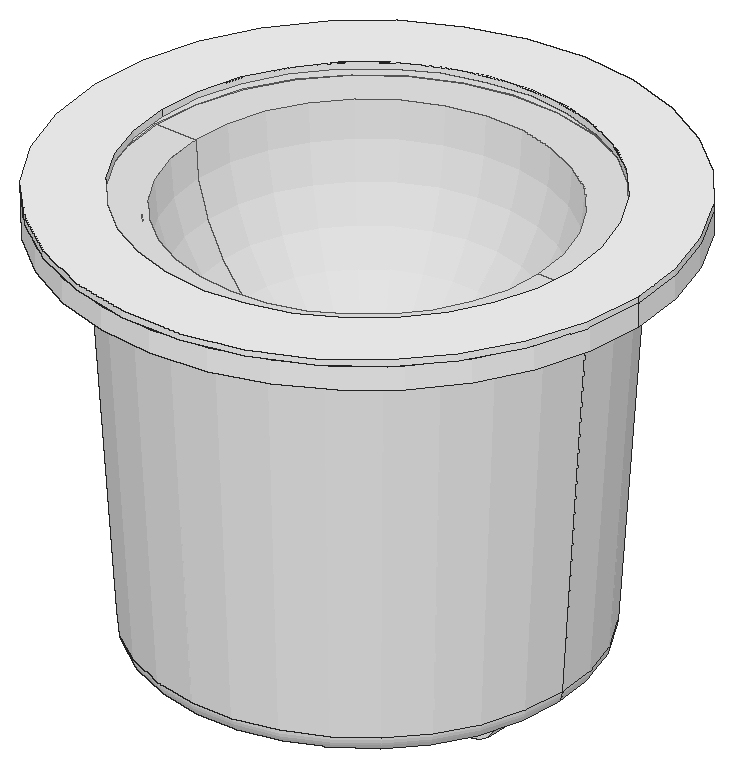
Revit family "2059237", category Lighting Fixtures, host Face, Revit 2018
Family settings
  Host = Face
  Round Connector Dimension = Use Diameter
  Part Type = Normal
  OmniClass Number = 23.80.70.11.17
  OmniClass Title = Specialized Lighting by Location or Use
  Cut with Voids When Loaded = No
  Light Source = Yes
  Shared = No
  Room Calculation Point = No
Parameters (values of type "2059237 MYRIAD DECO IP65 SP 2.7K PHD SI WBEZ")
  Weight = "n/a"
  Wattage = 15 W
  WarrantyStartDate [instance] = "n/a"
  WarrantyGuarantorParts = "n/a"
  WarrantyDurationUnit = "n/a"
  WarrantyDurationParts = ""
  WarrantyDescription = "http://www.sylvania-lighting.com"
  built-in parameter 1150110 = 1 (stored number, unit not read)
  Voltage = 230 V
  URL = "0"
  TypeName = "MYRIAD DECO IP65 SPOT 2700K PHDM SILVER WBEZ"
  Type Image = 0
  Type Comments = ""
  built-in parameter 1114217 = 1 (stored number, unit not read)
  Tilt Angle = -90°
  built-in parameter 1150109 = 1 (stored number, unit not read)
  built-in parameter 1150134 = (empty or 0)
  built-in parameter 1150113 = 1 (stored number, unit not read)
  SerialNumber [instance] = "n/a"
  Reflector Radius = Cutout Diameter / 2 - 2.5 mm  # 35.0 mm
  Reflector Material = Aluminum_Sylvania_Myriad_Bright
  Recessed Depth = Height  # 72.0 mm
  PowerFactor = 0
  PowerConsumption = "Lighting"
  Photometric Web File = "2059237.ies"
  NominalWidth = 0.0 mm
  NominalLength = 76.0 mm
  NominalHeight = 72.0 mm
  Name = "MYRIAD DECO IP65 SPOT 2700K PHDM SILVER WBEZ"
  ModelReference = "MYRIAD DECO IP65 SPOT 2700K PHDM SILVER WBEZ"
  ModelNumber = "2059237"
  Material = "Feilo Sylvania"
  ManufacturerName = "124 lm/W"
  LuminousEfficacy = ""
  LuminaireType = "0"
  LightOutputRatio = "LED"
  LampsType = Lamp  # "n/a"
  LampNominalLuminous = "2700 K"
  LampMacAdamStep = "90"
  LampColourTemperature = "LED"
  LampColourRenderingIndex = "16500"
  Keynote = "n/a"
  Keynote_2 = "16500"
  InstallationDate [instance] = "n/a"
  InputVoltage = "0"
  InputNominalFrequency = "2700"
  IngressProtection = "IfcLightFixtureType"
  ImpactProtectionIndex = "IfcLightFixtureType"
  IfcExportType = "IfcLightFixtureType"
  IfcExportAs = "Class II"
  Height = 72.0 mm  # constant formula
  ExpectedLife = 50000
  Emit from Circle Diameter = Accessory Inner Diameter 2  # 68.0 mm
  Emit Shape Visible in Rendering = no
  ElectricShockClassification = "124"
  DurationUnit = "hours"
  DocumentationLiterature = "http://www.sylvania-lighting.com/product/en-int/products/2059237"
  DimmingControlOptions = "n/a"
  Diffuser Material = Glass_Sylvania_Myriad_Clear_4000K
  Diffuser Diameter = Cutout Diameter  # 75.0 mm
  Cutout Diameter = 75.0 mm  # constant formula
  CreatedOn = "03/02/2022"
  CreatedBy = "@sylvania-lighting.com"
  built-in parameter 1001205 = 0
  Cost = 0
  built-in parameter 1114216 [instance] = 1 (stored number, unit not read)
  Model = "MYRIAD DECO IP65 SPOT 2700K PHDM SILVER WBEZ"
  Manufacturer = "Feilo Sylvania"  # constant formula
  built-in parameter 1150105 = 83.556 (stored number, unit not read)
  Lumens = 1050 lm
  built-in parameter 1150115 = 1 (stored number, unit not read)
  built-in parameter 1150137 = (empty or 0)
  built-in parameter 1150139 = (empty or 0)
  built-in parameter 1150112 = 1 (stored number, unit not read)
  built-in parameter 1150114 = 1 (stored number, unit not read)
  Lamp = "n/a"
  built-in parameter 1150132 = (empty or 0)
  built-in parameter 1150102 = (empty or 0)
  built-in parameter 1150107 = 2700 (stored number, unit not read)
  built-in parameter 1150138 = (empty or 0)
  built-in parameter 1150106 = 0.83556 (stored number, unit not read)
  built-in parameter 1150104 = 6.5032 (stored number, unit not read)
  Dimming Lamp Color Temperature Shift = <None>
  Description = "Supplied complete with electronic control gear Compact Fluorescent low energy downlight Emergency version passes through the cut out Ideal for low level orientation lighting New range of Architectural accessories each providing a different lit dimension New completely flush plaster up accessory ring for clean ceiling lines and smooth finish Order lamp separately"  # constant formula
  Default Elevation = 0.0 mm
  Color Filter = 16777215
  built-in parameter 1140040 [instance] = 1
  Body Radius = Reflector Radius + 1.5 mm  # 36.5 mm
  Body Material = Aluminum_Sylvania_Myriad_Gray
  BarCode [instance] = "n/a"
  built-in parameter 1114218 = 1 (stored number, unit not read)
  built-in parameter 1150133 = 10 (stored number, unit not read)
  AssetType = "Fixed"
  AssetIdentifier [instance] = "n/a"
  Assembly Code = "D5020200"
  Apparent Load = 10 VA
  Accessory Material = Aluminum_Sylvania_Myriad_White
  Accessory Inner Diameter 2 = Accessory Diameter - 22.0 mm  # 68.0 mm
  Accessory Inner Diameter 1 = Accessory Diameter - 2.0 mm  # 88.0 mm
  Accessory Diameter = Cutout Diameter + 15.0 mm  # 90.0 mm
Reference planes
  plane 1 "Center (Front/Back)": y = 0
  plane 2: z = 0
  plane 3 "Center (Left/Right)": x = 0
  plane 4: z = 2
  plane 5 "Fixture Bottom": z = 4.5
  plane 6: z = -28.5
  plane 7: z = -61.5
  plane 8 "Fixture Top": z = -67.5
  plane 9: z = 3.5
Forms (mm)
  Revolve 1, solid, material "Aluminum_Sylvania_Myriad_Bright" <- "Reflector Material", detail levels fine
    sketch origin (0, 0, 0) x (1, 0, 0) y (0, 0, 1)
      loop
        line (0, -27.515) -> (-6, -27.515)
        arc (-6, -27.515) -> (-22.333, -16.632) -> (-28.5, 2) r 30.135
        line (-28.5, 2) -> (-35, 2) -> (-35, 0) -> (-29.184, 0)
        arc (-29.184, 0) -> (-22.423, -18.18) -> (-6, -28.5) r 30.204
        line (-6, -28.5) -> (0, -28.5) -> (0, -27.515)
      axis (0, -28.5) -> (0, 2)
    angle from 0 to 360
  Revolve 2, solid, material "Aluminum_Sylvania_Myriad_Gray" <- "Body Material", detail levels fine
    sketch origin (0, 0, 0) x (1, 0, 0) y (0, 0, 1)
      loop
        line (-44, 2) -> (-44, 0) -> (-36.5, 0) -> (-32.42, -58.708)
        arc (-32.42, -58.708) -> (-31.474, -60.694) -> (-29.428, -61.5) r 3
        line (-29.428, -61.5) -> (0, -61.5) -> (0, -28.5) -> (-6, -28.5)
        arc (-6, -28.5) -> (-22.423, -18.18) -> (-29.184, 0) r 30.204
        line (-29.184, 0) -> (-35, 0) -> (-35, 2) -> (-44, 2)
      axis (0, 2) -> (0, -61.5)
    angle from 0 to 360
  Extrusion 3, solid, material "Aluminum_Sylvania_Myriad_Gray" <- "Body Material", detail levels fine
    sketch origin (0, 0, 0) x (1, 0, 0) y (0, 0, 1)
      loop
        line (-13.5, -67.5) -> (21, -67.5)
        arc (21, -67.5) -> (23.828, -66.328) -> (25, -63.5) r 4
        line (25, -63.5) -> (25, -61.5) -> (-17.5, -61.5) -> (-17.5, -63.5)
        arc (-17.5, -63.5) -> (-16.328, -66.328) -> (-13.5, -67.5) r 4
    from -4.5 to 4.5
  Extrusion 4, solid, material "Aluminum_Sylvania_Myriad_White" <- "Accessory Material", detail levels fine
    sketch origin (0, 0, 0) x (1, 0, 0) y (0, 1, 0)
      loop
        circle (0, 0) r 45
      loop
        circle (0, 0) r 44
    from 0 to 3.5
  Extrusion 5, solid, material "Aluminum_Sylvania_Myriad_White" <- "Accessory Material", detail levels fine
    sketch origin (0, 0, 0) x (1, 0, 0) y (0, 1, 0)
      loop
        circle (0, 0) r 45
      loop
        circle (0, 0) r 34
    from 3.5 to 4.5
  Extrusion 6, solid, material "Aluminum_Sylvania_Myriad_White" <- "Accessory Material", detail levels coarse+medium
    sketch origin (0, 0, 0) x (1, 0, 0) y (0, 1, 0)
      loop
        circle (0, 0) r 45
    from 0 to 4.5
  Revolve 7, solid, detail levels coarse+medium
    sketch origin (0, 0, 0) x (1, 0, 0) y (0, 0, 1)
      loop
        line (36.5, 0) -> (0, 0) -> (0, -61.5) -> (32.226, -61.5) -> (36.5, 0)
      axis (0, 0) -> (0, -61.5)
    angle from 0 to 360
  Extrusion 8, void
    sketch origin (0, 0, 0) x (1, 0, 0) y (0, 1, 0)
      loop
        circle (0, 0) r 37.5
    from -67.5 to 0
  Extrusion 9, solid, material "Glass_Sylvania_Myriad_Clear_4000K" <- "Diffuser Material", detail levels fine
    sketch origin (0, 0, 0) x (1, 0, 0) y (0, 1, 0)
      loop
        circle (0, 0) r 37.5
    from 2 to 3.5
Cuts and joins
  joined: Extrusion 4, Extrusion 5
Lines and regions (mm)
  Masking region 1
    outline origin (0, 0, 0) x (1, 0, 0) y (0, 1, 0)
      loop
        circle (0, 0) r 45
  symbolic lines
    curve 1: arc (-34, 0, 0) -> (0, 34, 0) -> (34, 0, 0) r 34
    curve 2: arc (34, 0, 0) -> (0, -34, 0) -> (-34, 0, 0) r 34
Dimensions and locks
  locked: plane 7 to plane 8 "Fixture Top" at 6
  "Body Radius": Revolve 7 sketch curve to plane 3 "Center (Left/Right)"
  locked: Revolve 7 sketch curve to Revolve 7 sketch curve at 4.274
  plane 5 "Fixture Bottom" to plane 9 to plane 4 to plane 2 to plane 6 = 1.0 mm locked, 1.5 mm locked, 2.0 mm locked, 28.5 mm locked
  "Reflector Radius": Revolve 1 sketch curve to plane 3 "Center (Left/Right)"
  Revolve 1 sketch curve to Revolve 1 sketch curve to Revolve 1 sketch curve to Revolve 1 sketch curve = 6.5 mm locked, 22.5 mm locked, 0.0 mm locked
  "Reflector Radius": plane 3 "Center (Left/Right)" to Revolve 2 sketch curve
  Revolve 2 sketch curve to Revolve 2 sketch curve to Revolve 2 sketch curve = 7.5 mm locked, 1.5 mm locked
  Revolve 2 sketch curve to Revolve 2 sketch curve to Revolve 2 sketch curve = 5.816 mm locked, 23.184 mm locked
  Revolve 2 sketch curve to Revolve 2 sketch curve to Revolve 2 sketch curve = 2.58 mm locked, 2.993 mm locked
  "Accessory Diameter": diameter of Extrusion 4 sketch curve
  "Accessory Inner Diameter 1": diameter of Extrusion 4 sketch curve
  "Accessory Diameter": diameter of Extrusion 5 sketch curve
  "Accessory Diameter": diameter of Extrusion 6 sketch curve
  "Cutout Diameter": diameter of Extrusion 8 sketch curve
  "Accessory Inner Diameter 2": diameter of Extrusion 5 sketch curve
  "Diffuser Diameter": diameter of Extrusion 9 sketch curve
  aligned and locked: plane 2 to host face
  aligned and locked: level to host face
  aligned and locked: plane 1 "Center (Front/Back)" to imposter light
  aligned and locked: plane 3 "Center (Left/Right)" to imposter light
  aligned and locked: Revolve 1 sketch curve to imposter light
  aligned and locked: Extrusion 3 sketch curve to plane 8 "Fixture Top"
  aligned and locked: plane 7 to Extrusion 3 sketch curve
  aligned and locked: Extrusion 4 to plane 2
  aligned and locked: plane 9 to Extrusion 4
  aligned and locked: Extrusion 5 to plane 9
  aligned and locked: plane 5 "Fixture Bottom" to Extrusion 5
  aligned and locked: Extrusion 6 to plane 2
  aligned and locked: plane 5 "Fixture Bottom" to Extrusion 6
  aligned and locked: Extrusion 8 to plane 8 "Fixture Top"
  aligned and locked: plane 2 to Extrusion 8
  aligned and locked: Masking region 1 sketch curve to Extrusion 6  (x2)
  aligned and locked: Extrusion 9 to plane 4
  aligned and locked: plane 9 to Extrusion 9
  aligned and locked: plane 4 to Revolve 2 sketch curve
  aligned and locked: Revolve 2 sketch curve to plane 2
  aligned and locked: curve 1 to cut or joined group of Extrusion 4, Extrusion 5
  aligned and locked: curve 2 to cut or joined group of Extrusion 4, Extrusion 5
  aligned and locked: imposter light to plane 5 "Fixture Bottom"
Automatic sketch dimensions
  host sketch curve to host sketch curve = 1305.563 mm
  host sketch curve to host sketch curve = 1283.632 mm
  Extrusion 3 sketch curve to plane 7 = 2.0 mm
  Extrusion 3 sketch curve to plane 3 "Center (Left/Right)" = 13.5 mm
  plane 3 "Center (Left/Right)" to Extrusion 3 sketch curve = 21.0 mm
  Extrusion 3 sketch curve to Extrusion 3 sketch curve = 4.0 mm
  Revolve 1 sketch curve to level = 0.0 mm
  Revolve 1 sketch curve to plane 3 "Center (Left/Right)" = 0.0 mm
  Revolve 1 sketch curve to plane 6 = 0.0 mm
  Revolve 1 sketch curve to plane 4 = 0.0 mm
  Revolve 1 sketch curve to Revolve 1 sketch curve = 0.684 mm
  level to Revolve 1 sketch curve = 0.88 mm
  Revolve 1 sketch curve to plane 4 = 0.363 mm
  Revolve 1 sketch curve to Revolve 1 sketch curve = 0.625 mm
  Revolve 1 sketch curve to plane 8 "Fixture Top" = 232.8 mm
  plane 5 "Fixture Bottom" to Revolve 1 sketch curve = 291.243 mm
  Revolve 2 sketch curve to plane 3 "Center (Left/Right)" = 0.0 mm  (x2)
  Revolve 2 sketch curve to plane 7 = 0.0 mm
  Revolve 2 sketch curve to plane 6 = 0.0 mm
  Revolve 2 sketch curve to level = 0.0 mm
  level to Revolve 2 sketch curve = 0.88 mm
  plane 7 to Revolve 2 sketch curve = 2.792 mm
  Revolve 2 sketch curve to plane 8 "Fixture Top" = 304.774 mm
  plane 5 "Fixture Bottom" to Revolve 2 sketch curve = 1137.105 mm
  Extrusion 4 sketch curve to Extrusion 4 sketch curve = 0.0 mm  (x2)
  plane 1 "Center (Front/Back)" to Extrusion 4 sketch curve = 0.0 mm
  Extrusion 4 sketch curve to plane 3 "Center (Left/Right)" = 0.0 mm
  Extrusion 5 sketch curve to Extrusion 5 sketch curve = 0.0 mm  (x2)
  plane 1 "Center (Front/Back)" to Extrusion 5 sketch curve = 0.0 mm
  Extrusion 5 sketch curve to plane 3 "Center (Left/Right)" = 0.0 mm
  plane 1 "Center (Front/Back)" to Extrusion 6 sketch curve = 0.0 mm
  Extrusion 6 sketch curve to plane 3 "Center (Left/Right)" = 0.0 mm
  Revolve 7 sketch curve to level = 0.0 mm
  Revolve 7 sketch curve to plane 3 "Center (Left/Right)" = 0.0 mm  (x2)
  Revolve 7 sketch curve to plane 7 = 0.0 mm
  Revolve 7 sketch curve to plane 8 "Fixture Top" = 304.774 mm
  plane 5 "Fixture Bottom" to Revolve 7 sketch curve = 43.226 mm
  plane 1 "Center (Front/Back)" to Extrusion 8 sketch curve = 0.0 mm
  Extrusion 8 sketch curve to plane 3 "Center (Left/Right)" = 0.0 mm
  plane 1 "Center (Front/Back)" to Extrusion 9 sketch curve = 0.0 mm
  Extrusion 9 sketch curve to plane 3 "Center (Left/Right)" = 0.0 mm
Connectors
  electrical at (-0.006, -0.019, -67.5), driven by "Apparent Load", driven by "Apparent Load"
    settings: on plane 8 "Fixture Top", index 1, voltage 230 V, apparent load 10 VA, apparent load phase1 10 VA, apparent load phase2 0 VA, apparent load phase3 0 VA, power factor 1, load classification "Lighting", number of poles 1, system type 30, power factor state 1, is connector primary yes, connector utility no, sub classification motor no, connector description ""
